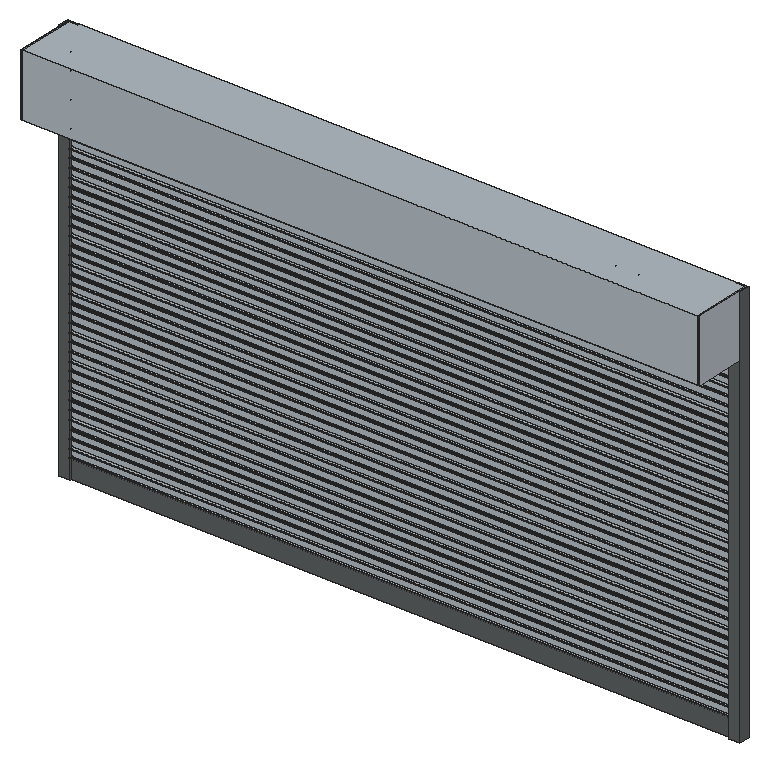
Revit family "Doors_Fire-Doors-Shutters_Wayne-Dalton_Fire-Rated-Counter-Shutters-FireStar-Model-550", category Specialty Equipment, host Wall, Revit 2026
Family settings
  Host = Wall
  Round Connector Dimension = Use Diameter
  Part Type = Normal
  Classification Number = 23.30.10.21.34
  Enable Cutting in Views = No
  Always vertical = Yes
  Cut with Voids When Loaded = Yes
  Maintain Annotation Orientation = No
  Shared = No
  Room Calculation Point = No
Parameters (values of type "‏​Manual push-up")
  Width Count [instance] = if(Aluminum Check, if(or(Crank, Manual), if(Opening Width < 121", 10, 16), if(Opening Width < 121", 10, if(Opening Width < 193", 16, 20))), if(Opening Width < 121", 10, 16))  # 10
  Warning Sign [instance] = if(or(Hood Warning, Calculated Area > 683.00 SF), 1 = 1, 1 = 2)  # no
  Warning (Note) [instance] = if(Warning Sign, "The Door Area is out of the limit; please adjust accordingly. The maximum allowed area is 683 sq. ft.", if(Hood Warning, "Headroom Clearance Dimensions - out of the limits. Consult Factory", " "))  # " "
  Wall Thickness [instance] = 6"
  Voltage = 0 V
  True Opening Width [instance] = if(Between Jambs Mounting, Door Width True, Clear Width)  # 120"
  True Opening Height [instance] = if(Between Jambs Mounting, Clear Height + Headroom Height, Clear Height)  # 60"
  Slat Type [instance] = "№17"  # constant formula
  Slat Length [instance] = Clear Width + Setback  # 122 1/2"
  Slat Height [instance] = if(Slat Selection < 3, 11 51/256", 10 1/2")  # 11 51/256"
  Slat Center Offset [instance] = 1 7/16"  # constant formula
  Slat Selection [instance] = 1  # constant formula
  Side Room Right [instance] = if(Electric Operator, 8", if(Crank, 5", 3"))  # 3"
  Side Room Left [instance] = 3"  # constant formula
  Setback [instance] = if(Between Jambs Mounting, 1 3/4", 1 3/4" + 3/4")  # 2 1/2"
  Product Page URL = "https://www.wayne-dalton.com/fire-counter-shutter-540-550"
  Power Factor = 1
  Powder Coat (Note) = "Wayne Dalton also offers approximately 200 RAL powder coat options to complement the exterior colors of a building."  # constant formula
  Operator Visibility = no
  Operation (Note) [instance] = "Standard door operation is manual push-up. Door could also operate by crank, electrical operator or chain hoist. Manual push up and crank could be used up to 80 sf."  # constant formula
  Opening Width Real [instance] = if(Opening Width > Max Opening Width, Max Opening Width, if(Opening Width < Min Opening Width, Min Opening Width, Opening Width))  # 120"
  Opening Width [instance] = 120"
  Opening Height Real [instance] = if(Opening Height > Max Opening Height, Max Opening Height, if(Opening Height < Min Opening Height, Min Opening Height, Opening Height))  # 60"
  Opening Height [instance] = 60"
  One Array element [instance] = not(Array Vis)  # no
  Number of Poles = 1
  Motor Type [instance] = "GCX Electric Operator"  # constant formula
  Motor Selection (Note) [instance] = "Generic operator shown. Contact Wayne Dalton when dimensions are critical. "  # constant formula
  Motor Position [instance] = Headplate Offset  # 2 5/8"
  Motor Option Real [instance] = 1  # constant formula
  Min Opening Width [instance] = 40"  # constant formula
  Min Opening Height [instance] = 40"  # constant formula
  Max Opening Width [instance] = 192"  # constant formula
  Max Opening Height [instance] = 108"  # constant formula
  Material Finish [instance] = 550 : Steel - Gray
  Lookup Table = "Hood Dimensions"  # constant formula
  Lookup BD [instance] = size_lookup(Lookup Table, if(Manual, "YM", if(Crank, "YC", "YE")), 10", Width Count, Height Count, if(Aluminum Check, 1, 0))  # 11 1/8"
  Jambs Offset 2 [instance] = if(Between Jambs Mounting, Guide Width 2, 0")  # 0"
  Jamb Offset 1 [instance] = if(Between Jambs Mounting, Guide Width 1, 0")  # 0"
  Installation Real [instance] = if(Between Jambs Mounting, Installation Limits, Wall Thickness)  # 6"
  Installation Offset [instance] = 0"
  Installation Limits [instance] = if(Installation Offset < 0", 0", if(Installation Offset > Wall Thickness - Guide Depth, Wall Thickness - Guide Depth, Installation Offset))  # 0"
  Hood Warning [instance] = size_lookup(Lookup Table, if(Manual, "WM", if(Crank, "WC", "WE")), 0, Width Count, Height Count, if(Aluminum Check, 1, 0)) = 1  # no
  Hood Type [instance] = "Square Hood"  # constant formula
  Hood Option [instance] = 2  # constant formula
  Hood Offset [instance] = 3"  # constant formula
  Hood Material [instance] = Metal - Wayne Dalton - Gray
  Hood Height [instance] = Headroom Height Real - Hood Offset  # 11 1/2"
  Lookup HH [instance] = size_lookup(Lookup Table, if(Manual, "XM", if(Crank, "XC", "XE")), 10", Width Count, Height Count, if(Aluminum Check, 1, 0))  # 11 1/2"
  Height Count [instance] = if(Opening Height < 49", 4, if(Opening Height < 61", 5, if(Opening Height < 73", 6, 7)))  # 5
  Headroom Height Real [instance] = Lookup HH + Hood Offset  # 14 1/2"
  Headroom Height [instance] = Headroom Height Real  # 14 1/2"
  Headplate Offset [instance] = if(Between Jambs Mounting, 2" - 1/8", 2" - 1/8" + 3/4")  # 2 5/8"
  Guide Type [instance] = if(Between Jambs Mounting, "Between Jambs Rolled Steel", "Face of Wall Rolled Steel")  # "Face of Wall Rolled Steel"
  Guide Width 2 [instance] = if(Between Jambs Mounting, Side Room Left, 2 3/4")  # 2 3/4"
  Guide Width 1 [instance] = if(Between Jambs Mounting, Side Room Right, 2 3/4")  # 2 3/4"
  Guide Depth [instance] = 2"  # constant formula
  Frequency = 0 Hz
  Floor To CL shaft [instance] = Clear Height + Hood Height / 2 + Hood Offset  # 68 3/4"
  Face of Wall Offset [instance] = if(Between Jambs Mounting, 0", 5")  # 5"
  Face Of Wall Mounting [instance] = not(Between Jambs Mounting)  # yes
  Electric Operator = no
  Door Width True [instance] = if(Between Jambs Mounting, Clear Width + Guide Width 1 + Guide Width 2, Clear Width)  # 120"
  Door Width (Real) [instance] = if(Between Jambs Mounting, Clear Width, Clear Width + Setback * 2)  # 125"
  Door Height True [instance] = Clear Width + Headroom Height  # 134 1/2"
  Door Height (Real) [instance] = Clear Height + Hood Offset  # 63"
  URL = "https://www.wayne-dalton.com/"
  Product data url = "https://www.bimobject.com/wayne-dalton/product/fire-rated-counter-shutters-firestar-model-550"
  Product Guid = "681392b5-bbaf-4c74-8fa3-e8ad4a23bc02"
  Model = "550"  # constant formula
  Manufacturer = "Wayne Dalton"  # constant formula
  Wall Closure = By host
  Floor To (CL) of Shaft [instance] = Clear Height + Hood Height / 2 + Hood Offset + Default Elevation Height + Countertop Thickness Real  # 104 3/4"
  Finish Material = Finish - Wayne Dalton - Black
  Description = "Firestar Model 550 Fire Rated Counter Shutter"  # constant formula
  Default Elevation Height [instance] = 36"
  Default Elevation = 0"
  Crank = no
  Countertop Thickness Real [instance] = if(Countertop Thickness < 0", 0", if(Countertop Thickness > 12", 12", Countertop Thickness))  # 0"
  Countertop Thickness [instance] = 0"
  Clearance [instance] = no
  Clear Width [instance] = if(Between Jambs Mounting, Opening Width Real - Guide Width 2 - Guide Width 1, Opening Width Real)  # 120"
  Clear Height [instance] = if(Between Jambs Mounting, Opening Height Real - Headroom Height, Opening Height Real)  # 60"
  Manual = yes
  Current = 0 A
  Between Jambs Mounting [instance] = no
  Backroom Depth [instance] = Lookup BD  # 11 1/8"
  BJ Opening Cut [instance] = if(Between Jambs Mounting, Headroom Height, 0")  # 0"
  Array Vis [instance] = if(Array < 2, 1 = 2, 1 = 1)  # yes
  Array Real [instance] = if(Array < 2, 2, Array)  # 6
  Array Length [instance] = (Array) * Slat Height  # 67 25/128"
  Array [instance] = rounddown(([Door Height (Real)] - 3 1/2") / Slat Height) + 1  # 6
  Calculated Area [instance] = [Door Width (Real)] * [Door Height (Real)]  # 54.6875 SF
  Apparent Load Phase 3 = if(Number of Poles = 1, 0 VA, (Voltage * Current * sqrt(3)) / 3)  # 0 VA
  Apparent Load Phase 2 = if(Number of Poles = 1, 0 VA, (Voltage * Current * sqrt(3)) / 3)  # 0 VA
  Apparent Load Phase 1 = if(Number of Poles = 1, Voltage * Current, (Voltage * Current * sqrt(3)) / 3)  # 0 VA
  Aluminum Check [instance] = 1 = 2  # no
Reference planes (in)
  plane 1 "Center (Front/Back)": y = -14.625
  plane 2 "Center (Left/Right)": x = 0
  plane 3 "Left": x = -60
  plane 4 "Right": x = 60
  plane 5 "Exterior": y = -8.625
  plane 6 "Interior": y = -14.625
  plane 7: z = 96
  plane 8 "Backroom Depth": y = -25.75
  plane 9 "Bottom Bar": z = 39.5
  plane 10: z = 106.69531
  plane 11: z = 110.5
  plane 12: z = 99
  plane 13: z = 0
  plane 14: z = 66
  plane 15: y = -16.3125
  plane 16: y = 18.375
  plane 17: y = -41.625
  plane 18 "Headroom Top": z = 110.5
  plane 19: z = 104.75
  plane 20: z = 95.49609
  plane 21: z = 36
  plane 22: x = 62.75
  plane 23: x = -62.75
  plane 24: y = -16.0625
  plane 25: x = 62.625
  plane 26: z = 36
  plane 27: y = -16.3125
  plane 28: z = 39.5
  plane 29: y = -16.3125
  plane 30: z = 95.49609
  plane 31: y = -16.3125
  plane 32: z = 50.69922
  plane 33: y = -16.3125
  plane 34: z = 61.89844
  plane 35: y = -16.3125
  plane 36: z = 73.09766
  plane 37: y = -16.3125
  plane 38: z = 84.29687
Forms (in)
  Extrusion 1, void
    sketch origin (0, -20.625, 0) x (0, 0, -1) y (-1, 0, 0)
      loop
        line (-96, 60) -> (-96, -60) -> (-36, -60) -> (-36, 60) -> (-96, 60)
    from 6 to 12
  Extrusion 2, solid, material "Clearance - Wayne Dalton - Red", visible <- "Clearance"
    sketch origin (-137.2887, -12, 36) x (-1, 0, 0) y (0, -1, 0)
      loop
        line (-197.2887, 4.625) -> (-200.2887, 4.625) -> (-200.2887, 2.625) -> (-197.2887, 2.625) -> (-197.2887, 4.625)
      loop
        line (-77.2887, 4.625) -> (-77.2887, 2.625) -> (-74.2887, 2.625) -> (-74.2887, 4.625) -> (-77.2887, 4.625)
    from 0 to 63
Text (in)
  text "Exterior" at (-74.96733, 27.31104, 0), in view "Ref. Level"
  text "Interior" at (-74.96733, -25.14366, 0), in view "Ref. Level"
  text "Exterior" at (0, 40.15149, 123.01588), in view "Right"
  text "Interior" at (0, -64.39139, 123.01588), in view "Right"
  text "Interior" at (0, -31.01599, 123.00693), in view "Left"
  text "Exterior" at (0, 54.57065, 123.00693), in view "Left"
Dimensions and locks (in)
  equal spacing: plane 3 "Left", plane 2 "Center (Left/Right)", plane 4 "Right"
  "Clear Width": plane 3 "Left" to plane 4 "Right"
  level to host wall = 459.59655"
  "Array Length": plane 10 to plane 9 "Bottom Bar"
  "Backroom Depth": plane 8 "Backroom Depth" to plane 1 "Center (Front/Back)"
  "Hood Height": plane 11 to plane 12
  "Installation Real": plane 1 "Center (Front/Back)" to plane 5 "Exterior"
  "Wall Thickness": host wall to host wall
  equal spacing: plane 16, host wall, plane 17
  locked: plane 16 to plane 17 at 60
  "BJ Opening Cut": Extrusion 1 sketch curve to plane 7
  "Hood Offset": plane 12 to plane 7
  "Headroom Height": plane 18 "Headroom Top" to plane 7
  "Floor To (CL) of Shaft": plane 19 to level
  "Jamb Offset 1": plane 4 "Right" to Extrusion 1 sketch curve
  "Jambs Offset 2": Extrusion 1 sketch curve to plane 3 "Left"
  "Slat Height": plane 10 to plane 20
  equal spacing: group 1, group 3, group 4, group 5, group 6, group 2  (x3)
  equal spacing: plane 7, plane 14, plane 21
  "Clear Height": plane 7 to plane 21
  locked: plane 9 "Bottom Bar" to plane 21 at 3.5
  "Guide Width 1": plane 4 "Right" to plane 22
  "Guide Width 2": plane 23 to plane 3 "Left"
  plane 23 to plane 22 = 125 1/2"
  "Slat Center Offset": plane 24 to plane 1 "Center (Front/Back)"
  locked: plane 15 to plane 24 at 0.25
  "Motor Position": plane 4 "Right" to plane 25
  "Default Elevation Height": plane 26 to plane 13
  "Countertop Thickness Real": plane 21 to plane 26
  "Side Room Left": Extrusion 2 sketch curve to Extrusion 2 sketch curve
  "Side Room Right": Extrusion 2 sketch curve to Extrusion 2 sketch curve
  locked: Extrusion 2 sketch curve to Extrusion 2 sketch curve at 2
  aligned and locked: plane 5 "Exterior" to host wall
  aligned and locked: host wall to plane 6 "Interior"
  aligned and locked: Extrusion 1 to plane 5 "Exterior"
  aligned and locked: plane 6 "Interior" to Extrusion 1
  aligned and locked: level to plane 13
  aligned and locked: plane 2 "Center (Left/Right)" to nested 1
  aligned and locked: nested 1 to plane 16
  aligned and locked: plane 17 to nested 2
  aligned and locked: nested 2 to plane 2 "Center (Left/Right)"
  aligned and locked: plane 2 "Center (Left/Right)" to nested 3
  aligned and locked: nested 3 to plane 15
  aligned and locked: plane 2 "Center (Left/Right)" to nested 10
  aligned and locked: plane 1 "Center (Front/Back)" to nested 10
  aligned and locked: plane 25 to nested 11
  aligned and locked: plane 11 to nested 11
  aligned and locked: plane 5 "Exterior" to nested 11
  aligned and locked: Extrusion 1 sketch curve to plane 26
  aligned and locked: plane 9 "Bottom Bar" to plane 28
  aligned and locked: plane 27 to plane 15
  aligned and locked: plane 20 to plane 30
  aligned and locked: plane 29 to plane 15
  aligned and locked: plane 14 to nested 3
  aligned and locked: Extrusion 2 sketch curve to plane 4 "Right"
  aligned and locked: Extrusion 2 sketch curve to plane 3 "Left"
  aligned and locked: Extrusion 2 sketch curve to plane 1 "Center (Front/Back)"  (x2)
  aligned and locked: Extrusion 2 sketch curve to Extrusion 2 sketch curve
  aligned and locked: Extrusion 2 to plane 21
  aligned and locked: plane 12 to Extrusion 2
Nested families (in)
  nested 1: "Label Annotation 1" at (0, 18.375, 0), visible <- "Warning Sign", type "Label Annotation 1"
  nested 2: "Label Annotation 1" at (0, -41.625, 0) x (-1, 0, 0) z (0, 0, 1), visible <- "Warning Sign", type "Label Annotation 1"
  nested 3: "Warning Sign" at (0, -16.3125, 66), visible <- "Warning Sign", type "Warning Sign"
    with Warning Sign no
  nested 4: "550" at (0, -16.312, 39.5), Opening Width <- "Slat Length", type <- "Material Finish", Slat Option <- "Slat Selection", type "Steel - Gray"
    with Void Offset 1", Void Height 3/4", Step 1.6", Slat Width 1/2", Slat Position + Offset 11.795", Slat Position 11.2", Slat Option 1, Secure-Vent no, Profile #17 yes, Perforation no, Opening Width 122 1/2", Integrated Cutout no, Fenestration no, Extruded Alum Profile no, Cutout Width Offset 1", Cutout Vertical Offset 0.595", # 17 yes
  nested 5: "550" at (0, -16.312, 95.49609), Opening Width <- "Slat Length", type <- "Material Finish", Slat Option <- "Slat Selection", type "Steel - Gray"
    with Void Offset 1", Void Height 3/4", Step 1.6", Slat Width 1/2", Slat Position + Offset 11.795", Slat Position 11.2", Slat Option 1, Secure-Vent no, Profile #17 yes, Perforation no, Opening Width 122 1/2", Integrated Cutout no, Fenestration no, Extruded Alum Profile no, Cutout Width Offset 1", Cutout Vertical Offset 0.595", # 17 yes
  nested 6: "550" at (0, -16.312, 50.69922), Opening Width <- "Slat Length", type <- "Material Finish", Slat Option <- "Slat Selection", type "Steel - Gray"
    with Void Offset 1", Void Height 3/4", Step 1.6", Slat Width 1/2", Slat Position + Offset 11.795", Slat Position 11.2", Slat Option 1, Secure-Vent no, Profile #17 yes, Perforation no, Opening Width 122 1/2", Integrated Cutout no, Fenestration no, Extruded Alum Profile no, Cutout Width Offset 1", Cutout Vertical Offset 0.595", # 17 yes
  nested 7: "550" at (0, -16.312, 61.89844), Opening Width <- "Slat Length", type <- "Material Finish", Slat Option <- "Slat Selection", type "Steel - Gray"
    with Void Offset 1", Void Height 3/4", Step 1.6", Slat Width 1/2", Slat Position + Offset 11.795", Slat Position 11.2", Slat Option 1, Secure-Vent no, Profile #17 yes, Perforation no, Opening Width 122 1/2", Integrated Cutout no, Fenestration no, Extruded Alum Profile no, Cutout Width Offset 1", Cutout Vertical Offset 0.595", # 17 yes
  nested 8: "550" at (0, -16.312, 73.09766), Opening Width <- "Slat Length", type <- "Material Finish", Slat Option <- "Slat Selection", type "Steel - Gray"
    with Void Offset 1", Void Height 3/4", Step 1.6", Slat Width 1/2", Slat Position + Offset 11.795", Slat Position 11.2", Slat Option 1, Secure-Vent no, Profile #17 yes, Perforation no, Opening Width 122 1/2", Integrated Cutout no, Fenestration no, Extruded Alum Profile no, Cutout Width Offset 1", Cutout Vertical Offset 0.595", # 17 yes
  nested 9: "550" at (0, -16.312, 84.29688), Opening Width <- "Slat Length", type <- "Material Finish", Slat Option <- "Slat Selection", type "Steel - Gray"
    with Void Offset 1", Void Height 3/4", Step 1.6", Slat Width 1/2", Slat Position + Offset 11.795", Slat Position 11.2", Slat Option 1, Secure-Vent no, Profile #17 yes, Perforation no, Opening Width 122 1/2", Integrated Cutout no, Fenestration no, Extruded Alum Profile no, Cutout Width Offset 1", Cutout Vertical Offset 0.595", # 17 yes
  nested 10: "Lifts" at (0, -14.625, 36) x (-1, 0, 0) z (0, 0, 1), type "Frame Unit"
    with Floor To (CL) of Shaft 68 3/4"
  nested 11: "Motor" at (62.1855, -25.75, 99), visible <- "Operator Visibility", type "Trolley Motor"
Connectors (in)
  electrical at (62.625, -20.1875, 104.75), driven by "Apparent Load Phase 1", driven by "Power Factor", driven by "Apparent Load Phase 3", driven by "Apparent Load Phase 2", driven by "Voltage", driven by "Number of Poles"
    settings: on nested 11, index 1, voltage 0 V, apparent load 0 VA, apparent load phase1 0 VA, apparent load phase2 0 VA, apparent load phase3 0 VA, power factor 1, load classification "Other", number of poles 1, system type 31, power factor state 1, is connector primary yes, connector utility no, sub classification motor no, connector description "Electrical Connector"
Definition of nested family "550"
  Parameters (values of type "Steel - Gray")
    Void Offset [instance] = if(Integrated Cutout, 0", 1")  # 1"
    Void Height [instance] = if([Secure-Vent], 1.4", 3/4")  # 3/4"
    Step [instance] = if(Slat Option < 3, 1.6", 1 1/2")  # 1.6"
    Standard = yes
    Slat Width [instance] = 1/2"  # constant formula
    Slat Position + Offset [instance] = Slat Position + Cutout Vertical Offset  # 11.795"
    Slat Position [instance] = if(Slat Option < 3, 1.6" * 7, 1 1/2" * 7)  # 11.2"
    Slat Option [instance] = 1
    Secure-Vent [instance] = if(Slat Option = 2, 1 = 1, 1 = 2)  # no
    Rough Height = 0"
    Profile #17 [instance] = or(# 17, [Secure-Vent])  # yes
    Perforation [instance] = [Secure-Vent]  # no
    Fenestration [instance] = if(and(Integrated Cutout, not(Perforation)), 1 = 1, 1 = 2)  # no
    Extruded Alum Profile [instance] = if(Slat Option > 2, 1 = 1, 1 = 2)  # no
    Cutout Width Offset [instance] = 1"  # constant formula
    Panel Material = none
    Opening Width [instance] = 123 5/8"
    Cutout Vertical Offset [instance] = 0.595"  # constant formula
    Default Elevation = 48"
    Integrated Cutout [instance] = if(Perforation, 1 = 1, 1 = 2)  # no
    Cutout Material Perforation = none
    Analytic Construction = "<None>"
    # 17 [instance] = if(Slat Option < 2, 1 = 1, 1 = 2)  # yes
  Types (4): name
    Steel - Gray
    Steel - Brown
    Steel - Biege
    Steel - White
  Reference planes (in)
    plane 1 "Center (Front/Back)": y = 0
    plane 2: z = 0
    plane 3 "Center (Left/Right)": x = 0
    plane 4: x = -61.8125
    plane 5: x = 61.8125
    plane 6: y = 0.5
    plane 7: y = 0
    plane 8: y = 0.25
    plane 9: y = 0.47
    plane 10: x = -60.8125
    plane 11: x = 60.8125
    plane 12: z = 1.6
    plane 13: z = 3.2
    plane 14: z = 4.8
    plane 15: z = 6.4
    plane 16: z = 8
    plane 17: z = 9.6
    plane 18: z = 11.2
  Forms (in)
    Extrusion 1, solid, material <- "Panel Material"
      sketch origin (0, -4.98186, 13.12534) x (0, 1, 0) y (0, 0, 1)
        loop
          arc (5.48186, -10.19465) -> (5.46788, -10.15782) -> (5.43299, -10.13954) r 0.05551
          line (5.43299, -10.13954) -> (5.28542, -10.12177) -> (5.42635, -10.12177)
          arc (5.42635, -10.12177) -> (5.4656, -10.10551) -> (5.48186, -10.06626) r 0.05551
          line (5.48186, -10.06626) -> (5.48186, -8.59465)
          arc (5.48186, -8.59465) -> (5.46788, -8.55782) -> (5.43299, -8.53954) r 0.05551
          line (5.43299, -8.53954) -> (5.28542, -8.52177) -> (5.42635, -8.52177)
          arc (5.42635, -8.52177) -> (5.4656, -8.50551) -> (5.48186, -8.46626) r 0.05551
          line (5.48186, -8.46626) -> (5.48186, -6.99465)
          arc (5.48186, -6.99465) -> (5.46788, -6.95782) -> (5.43299, -6.93954) r 0.05551
          line (5.43299, -6.93954) -> (5.28542, -6.92177) -> (5.42635, -6.92177)
          arc (5.42635, -6.92177) -> (5.4656, -6.90551) -> (5.48186, -6.86626) r 0.05551
          line (5.48186, -6.86626) -> (5.48186, -5.39465)
          arc (5.48186, -5.39465) -> (5.46788, -5.35782) -> (5.43299, -5.33954) r 0.05551
          line (5.43299, -5.33954) -> (5.28542, -5.32177) -> (5.42635, -5.32177)
          arc (5.42635, -5.32177) -> (5.4656, -5.30551) -> (5.48186, -5.26626) r 0.05551
          line (5.48186, -5.26626) -> (5.48186, -3.79465)
          arc (5.48186, -3.79465) -> (5.46788, -3.75782) -> (5.43299, -3.73954) r 0.05551
          line (5.43299, -3.73954) -> (5.28542, -3.72177) -> (5.42635, -3.72177)
          arc (5.42635, -3.72177) -> (5.4656, -3.70551) -> (5.48186, -3.66626) r 0.05551
          line (5.48186, -3.66626) -> (5.48186, -2.19465)
          arc (5.48186, -2.19465) -> (5.46788, -2.15782) -> (5.43299, -2.13954) r 0.05551
          line (5.43299, -2.13954) -> (5.16194, -2.10689)
          arc (5.16194, -2.10689) -> (5.14042, -2.08085) -> (5.16536, -2.05806) r 0.02451
          arc (5.16536, -2.05806) -> (5.20184, -1.81095) -> (4.98186, -1.92928) r 0.13976
          line (4.98186, -1.92928) -> (4.98186, -2.09641)
          arc (4.98186, -2.09641) -> (4.99584, -2.13324) -> (5.03073, -2.15152) r 0.05551
          line (5.03073, -2.15152) -> (5.42186, -2.19863) -> (5.42186, -3.66177) -> (5.1519, -3.66177)
          arc (5.1519, -3.66177) -> (5.20745, -3.4151) -> (4.98186, -3.52928) r 0.13976
          line (4.98186, -3.52928) -> (4.98186, -3.69641)
          arc (4.98186, -3.69641) -> (4.99584, -3.73324) -> (5.03073, -3.75152) r 0.05551
          line (5.03073, -3.75152) -> (5.42186, -3.79863) -> (5.42186, -5.26177) -> (5.1519, -5.26177)
          arc (5.1519, -5.26177) -> (5.20745, -5.0151) -> (4.98186, -5.12928) r 0.13976
          line (4.98186, -5.12928) -> (4.98186, -5.29641)
          arc (4.98186, -5.29641) -> (4.99584, -5.33324) -> (5.03073, -5.35152) r 0.05551
          line (5.03073, -5.35152) -> (5.42186, -5.39863) -> (5.42186, -6.86177) -> (5.1519, -6.86177)
          arc (5.1519, -6.86177) -> (5.20745, -6.6151) -> (4.98186, -6.72928) r 0.13976
          line (4.98186, -6.72928) -> (4.98186, -6.89641)
          arc (4.98186, -6.89641) -> (4.99584, -6.93324) -> (5.03073, -6.95152) r 0.05551
          line (5.03073, -6.95152) -> (5.42186, -6.99863) -> (5.42186, -8.46177) -> (5.1519, -8.46177)
          arc (5.1519, -8.46177) -> (5.20745, -8.2151) -> (4.98186, -8.32928) r 0.13976
          line (4.98186, -8.32928) -> (4.98186, -8.49641)
          arc (4.98186, -8.49641) -> (4.99584, -8.53324) -> (5.03073, -8.55152) r 0.05551
          line (5.03073, -8.55152) -> (5.42186, -8.59863) -> (5.42186, -10.06177) -> (5.1519, -10.06177)
          arc (5.1519, -10.06177) -> (5.20745, -9.8151) -> (4.98186, -9.92928) r 0.13976
          line (4.98186, -9.92928) -> (4.98186, -10.09641)
          arc (4.98186, -10.09641) -> (4.99584, -10.13324) -> (5.03073, -10.15152) r 0.05551
          line (5.03073, -10.15152) -> (5.42186, -10.19863) -> (5.42186, -11.66177) -> (5.1519, -11.66177)
          arc (5.1519, -11.66177) -> (5.20745, -11.4151) -> (4.98186, -11.52928) r 0.13976
          line (4.98186, -11.52928) -> (4.98186, -11.69641)
          arc (4.98186, -11.69641) -> (4.99584, -11.73324) -> (5.03073, -11.75152) r 0.05551
          line (5.03073, -11.75152) -> (5.42186, -11.79863) -> (5.42186, -13.26177) -> (5.15165, -13.26177)
          arc (5.15165, -13.26177) -> (5.20906, -13.01644) -> (4.98186, -13.12534) r 0.1397
          line (4.98186, -13.12534) -> (4.98186, -13.26626)
          arc (4.98186, -13.26626) -> (4.99812, -13.30551) -> (5.03737, -13.32177) r 0.05551
          line (5.03737, -13.32177) -> (5.42635, -13.32177)
          arc (5.42635, -13.32177) -> (5.4656, -13.30551) -> (5.48186, -13.26626) r 0.05551
          line (5.48186, -13.26626) -> (5.48186, -11.79465)
          arc (5.48186, -11.79465) -> (5.46788, -11.75782) -> (5.43299, -11.73954) r 0.05551
          line (5.43299, -11.73954) -> (5.28542, -11.72177) -> (5.42635, -11.72177)
          arc (5.42635, -11.72177) -> (5.4656, -11.70551) -> (5.48186, -11.66626) r 0.05551
          line (5.48186, -11.66626) -> (5.48186, -10.19465)
      from -61.8125 to 61.8125
  Lines and regions (in)
    reference lines
      curve 1: line (0, -4.98186, 12.78) -> (0, 9.9577, 12.78)
      curve 2: line (0, -2.86663, 11.795) -> (0, 7.60337, 11.795)
      curve 3: line (0, -2.86663, 8.595) -> (0, 7.60337, 8.595)
      curve 4: line (0, -2.86663, 5.395) -> (0, 7.60337, 5.395)
      curve 5: line (0, -2.86663, 3.795) -> (0, 7.60337, 3.795)
      curve 6: line (0, -2.86663, 0.595) -> (0, 7.60337, 0.595)
      curve 7: line (0, -2.86663, 2.195) -> (0, 7.60337, 2.195)
      curve 8: line (0, -2.86663, 10.195) -> (0, 7.60337, 10.195)
      curve 9: line (0, -2.86663, 6.995) -> (0, 7.60337, 6.995)
  Dimensions and locks (in)
    equal spacing: plane 4, plane 3 "Center (Left/Right)", plane 5
    "Opening Width": plane 4 to plane 5
    "Slat Width": plane 1 "Center (Front/Back)" to plane 6
    equal spacing: plane 1 "Center (Front/Back)", plane 8, plane 6
    locked: plane 9 to plane 6 at 0.03
    "Cutout Width Offset": plane 4 to plane 10
    "Cutout Width Offset": plane 5 to plane 11
    locked: curve 1 to level at 12.78
    "Slat Position": curve 6 to curve 2
    "Cutout Vertical Offset": curve 6 to plane 2
    equal spacing: curve 6, curve 7, curve 5, curve 4, curve 9, curve 3, curve 8, curve 2
    equal spacing: plane 18, plane 17, plane 16, plane 15, plane 14, plane 13, plane 12, plane 2
    "Step": plane 12 to level
    locked: plane 13 to Extrusion 1 sketch curve at 0.13642
    locked: plane 12 to Extrusion 1 sketch curve at 0.13642
    locked: plane 14 to Extrusion 1 sketch curve at 0.13642
    locked: plane 15 to Extrusion 1 sketch curve at 0.13642
    locked: plane 16 to Extrusion 1 sketch curve at 0.13642
    locked: plane 17 to Extrusion 1 sketch curve at 0.13642
    locked: Extrusion 1 sketch curve to plane 18 at 0
    radius of Extrusion 1 sketch curve = 0.1397"
    radius of Extrusion 1 sketch curve = 0.13976"  (x7)
    radius of Extrusion 1 sketch curve = 0.05551"  (x22)
    aligned and locked: plane 2 to level
    aligned and locked: plane 1 "Center (Front/Back)" to plane 7
    aligned and locked: plane 5 to Extrusion 1
    aligned and locked: plane 4 to Extrusion 1
  Automatic sketch dimensions
    plane 1 "Center (Front/Back)" to curve 1 = 4.98186"
    plane 1 "Center (Front/Back)" to curve 9 = 2.86663"
    curve 1 to curve 2 = 2.11523"
    plane 1 "Center (Front/Back)" to curve 7 = 2.86663"
    curve 3 to curve 9 = 0"
    curve 6 to curve 7 = 0"
    curve 4 to curve 9 = 0"
    curve 8 to curve 2 = 0"  (x2)
    curve 5 to curve 4 = 0"  (x2)
    curve 3 to plane 6 = 7.10337"
    curve 6 to plane 6 = 7.10337"
    curve 2 to curve 3 = 0"
    curve 7 to curve 6 = 0"
    curve 4 to curve 3 = 0"
    curve 9 to curve 3 = 0"
    curve 2 to curve 1 = 2.35433"
    curve 1 to Extrusion 1 sketch curve = 4.98186"
    Extrusion 1 sketch curve to Extrusion 1 sketch curve = 0"  (x21)
    Extrusion 1 sketch curve to Extrusion 1 sketch curve = 0.00664"  (x14)
    Extrusion 1 sketch curve to Extrusion 1 sketch curve = 0.1397"  (x7)
    Extrusion 1 sketch curve to Extrusion 1 sketch curve = 0.11428"
    Extrusion 1 sketch curve to Extrusion 1 sketch curve = 0.11453"  (x6)
    Extrusion 1 sketch curve to Extrusion 1 sketch curve = 0.12457"
    Extrusion 1 sketch curve to Extrusion 1 sketch curve = 0.00293"
    Extrusion 1 sketch curve to Extrusion 1 sketch curve = 0.13352"  (x6)
    Extrusion 1 sketch curve to Extrusion 1 sketch curve = 0.13644"  (x2)
    Extrusion 1 sketch curve to Extrusion 1 sketch curve = 0.00449"  (x13)
    Extrusion 1 sketch curve to Extrusion 1 sketch curve = 0.00398"  (x3)
    Extrusion 1 sketch curve to Extrusion 1 sketch curve = 0.16713"  (x2)
    Extrusion 1 sketch curve to Extrusion 1 sketch curve = 0.03464"  (x5)
    Extrusion 1 sketch curve to Extrusion 1 sketch curve = 1.32671"
    Extrusion 1 sketch curve to Extrusion 1 sketch curve = 0.14091"
    Extrusion 1 sketch curve to Extrusion 1 sketch curve = 0.02433"
Definition of nested family "Lifts"
  Parameters (values of type "Frame Unit")
    Void Offset = 0"  # constant formula
    Steel Guide Real = 1 = 2  # no
    Slat Center = 1.438"  # constant formula
    Side Room Right = 3"
    Side Room Left = 3"
    Rough Width = 0"
    Rough Height = 0"
    Rolled Setback = if(Between Jambs, 0", 3/4")  # 3/4"
    Rolled Guide SS = if(Between Jambs, Side Room Left, 2")  # 2"
    Rolled Guide ES = if(Between Jambs, Side Room Right, 2")  # 2"
    Real Setback = if(Aluminum Guide Real, Extruded Setback, Rolled Setback)  # 3/4"
    Opening Width = 120"
    Manual + Crank = if(or(Manual, Crank), 1 = 1, 1 = 2)  # yes
    Manual = yes
    Hood Offset = 3"
    Hood Material = none
    Headroom Height = 14 1/2"
    Headplate 2 Offset = if(Between Jambs, 2" - 1/8", 2" - 1/8" + Real Setback)  # 2 5/8"
    Headplate 1 Offset = if(Between Jambs, 2" - 1/8", 2" - 1/8" + Real Setback)  # 2 5/8"
    Header Width = 11 1/8"
    Opening Height = 60"
    Guide Offset 2 = if(Steel Guide Real, Rolled Setback + Rolled Guide SS, Extruded Setback + Extruded SS)  # 2 3/4"
    Guide Offset 1 = if(Steel Guide Real, Rolled Setback + Rolled Guide ES, Extruded Setback + Extruded ES)  # 2 3/4"
    Floor To (CL) of Shaft [instance] = Opening Height + (Headroom Height + Hood Offset) / 2  # 68 3/4"
    Finish Material = none
    Face Of Wall Mounting = not(Between Jambs)  # yes
    Extruded Setback = if(Between Jambs, 0", 3/4")  # 3/4"
    Extruded SS = if(Between Jambs, Side Room Left, 2")  # 2"
    Extruded ES = if(Between Jambs, Side Room Right, 2")  # 2"
    Electric Operator = no
    Default Elevation = 48"
    Crank = no
    Bottom Bar = if(Between Jambs, 1 5/8", 1 5/8" + if(Aluminum Guide Real, Extruded Setback, Rolled Setback))  # 2 3/8"
    Between Jambs = no
    Bar = 1 = 2  # no
    BJ Position = 0"  # constant formula
    Aluminum Guide Real = 1 = 1  # yes
  Reference planes (in)
    plane 1 "Center (Front/Back)": y = 0
    plane 2: z = 0
    plane 3 "Center (Left/Right)": x = 0
    plane 4 "Opening Height": z = 60
    plane 5: z = 74.5
    plane 6: y = 11.125
    plane 7 "Real Opening 2": x = -60
    plane 8 "Real Opening 1": x = 60
    plane 9: z = 63
    plane 10 "Main": y = 0
    plane 11: z = 68.75
    plane 12 "Guide 2": x = 62.75
    plane 13 "Guide 1": x = -62.75
    plane 14: x = 62.375
    plane 15: x = -62.375
    plane 16 "Headplate": x = -62.625
    plane 17: x = 62.625
    plane 18 "Masking": z = 76
    plane 19: x = -62.375
    plane 20: x = 62.375
  Forms (in)
    Extrusion 1, solid, material <- "Finish Material"
      sketch origin (0, 1.438, -2.69619) x (0, 0, 1) y (0, -1, 0)
        loop
          line (6.19619, 0.25) -> (2.69619, 0.25) -> (2.69619, -0.25) -> (6.19619, -0.25) -> (6.19619, 0.25)
      from -62.375 to 62.375
    Extrusion 2, solid, material <- "Hood Material"
      sketch origin (0, 0, 60) x (-1, 0, 0) y (0, -1, 0)
        loop
          line (62.375, 0) -> (-62.375, 0) -> (-62.375, -11.125) -> (62.375, -11.125) -> (62.375, 0)
      from 3 to 14.5
    Extrusion 3, solid, material <- "Hood Material", visible <- "Bar"
      sketch origin (0, 1.438, -2.69619) x (0, 0, 1) y (0, -1, 0)
        loop
          line (78.69619, 1.438) -> (77.19619, 1.438) -> (77.19619, 1.188) -> (78.69619, 1.188) -> (78.69619, 1.438)
      from -62.375 to 62.375
    Extrusion 4, void
      sketch origin (0, 1.438, -2.69619) x (0, 0, 1) y (0, -1, 0)
        loop
          line (77.19619, 1.438) -> (65.69619, 1.438) -> (65.69619, -9.687) -> (77.19619, -9.687) -> (77.19619, 1.438)
      from -62.375 to 62.375
    Extrusion 5, solid, material <- "Hood Material"
      sketch origin (0, 1.438, -2.69619) x (0, 0, 1) y (0, -1, 0)
        loop
          line (77.19619, 1.438) -> (65.69619, 1.438) -> (65.69619, -9.687) -> (77.19619, -9.687) -> (77.19619, 1.438)
      from -62.625 to 62.625
    Extrusion 6, solid, material <- "Finish Material", visible <- "Aluminum Guide Real"
      sketch origin (0, 0, 0) x (1, 0, 0) y (0, 1, 0)
        loop
          line (62.75, 0) -> (62.75, 2) -> (60.75, 2) -> (60.75, 1.875) -> (62.375, 1.875) -> (62.375, 1) -> (61, 1)
          arc (61, 1) -> (60.82322, 0.92678) -> (60.75, 0.75) r 0.25
          line (60.75, 0.75) -> (60.75, 0.25)
          arc (60.75, 0.25) -> (60.82322, 0.07322) -> (61, 0) r 0.25
          line (61, 0) -> (62.75, 0)
        loop
          line (-62.75, 0) -> (-61, 0)
          arc (-61, 0) -> (-60.82322, 0.07322) -> (-60.75, 0.25) r 0.25
          line (-60.75, 0.25) -> (-60.75, 0.75)
          arc (-60.75, 0.75) -> (-60.82322, 0.92678) -> (-61, 1) r 0.25
          line (-61, 1) -> (-62.375, 1) -> (-62.375, 1.875) -> (-60.75, 1.875) -> (-60.75, 2) -> (-62.75, 2) -> (-62.75, 0)
      from 0 to 74.5
    Extrusion 7, void
      sketch origin (0, 1.438, -2.69619) x (0, 0, 1) y (0, -1, 0)
        loop
          line (77.19619, 1.438) -> (65.69619, 1.438) -> (65.69619, -9.687) -> (77.19619, -9.687) -> (77.19619, 1.438)
      from -62.625 to 62.625
    Extrusion 8, void
      sketch origin (0, 0, 60) x (-1, 0, 0) y (0, -1, 0)
        loop
          line (-60.75, -2) -> (-60.75, -0.125) -> (-62.625, -0.125) -> (-62.625, -2) -> (-60.75, -2)
        loop
          line (60.75, -2) -> (62.625, -2) -> (62.625, -0.125) -> (60.75, -0.125) -> (60.75, -2)
      from 3 to 14.5
    Extrusion 9, void
      sketch origin (0, 0, 60) x (-1, 0, 0) y (0, -1, 0)
        loop
          line (-60.75, -0.125) -> (-60.75, 0) -> (-62.6875, 0) -> (-62.6875, -0.125) -> (-60.75, -0.125)
        loop
          line (60.75, -0.125) -> (62.75, -0.125) -> (62.75, 0) -> (60.75, 0) -> (60.75, -0.125)
      from 0 to 14.5
  Cuts and joins
    Extrusion 4, Extrusion 9 cuts Extrusion 5
    Extrusion 9 cuts Extrusion 2
    Extrusion 8 cuts Extrusion 6
  Lines and regions (in)
    Masking region 1
      outline origin (0, 0, 0) x (1, 0, 0) y (0, 1, 0)
        loop
          line (-62.625, 0) -> (62.625, 0) -> (62.625, 11.125) -> (-62.625, 11.125) -> (-62.625, 0)
    Masking region 2, visible <- "Aluminum Guide Real"
      outline origin (0, 0, 60) x (-1, 0, 0) y (0, -1, 0)
        loop
          line (62.75, -2) -> (62.75, 0) -> (61, 0)
          arc (61, 0) -> (60.82322, -0.07322) -> (60.75, -0.25) r 0.25
          line (60.75, -0.25) -> (60.75, -0.75)
          arc (60.75, -0.75) -> (60.82322, -0.92678) -> (61, -1) r 0.25
          line (61, -1) -> (62.375, -1) -> (62.375, -1.875) -> (60.75, -1.875) -> (60.75, -2) -> (62.75, -2)
        loop
          arc (-61, -1) -> (-60.82322, -0.92678) -> (-60.75, -0.75) r 0.25
          line (-60.75, -0.75) -> (-60.75, -0.25)
          arc (-60.75, -0.25) -> (-60.82322, -0.07322) -> (-61, 0) r 0.25
          line (-61, 0) -> (-62.75, 0) -> (-62.75, -2) -> (-60.75, -2) -> (-60.75, -1.875) -> (-62.375, -1.875) -> (-62.375, -1) -> (-61, -1)
    reference lines
      curve 1: line (0, 1.438, -2.69619) -> (0, 1.438, 5.30381)
    symbolic lines, visible <- "Bar"
      curve 2: line (62.375, 0.25, 60) -> (-62.375, 0.25, 60)
    symbolic lines
      curve 3: line (62.375, 0, 60) -> (62.375, 11.125, 60)
      curve 4: line (-62.375, 0, 60) -> (-62.375, 11.125, 60)
  Dimensions and locks (in)
    "Headroom Height": plane 5 to plane 4 "Opening Height"
    "Opening Height": plane 4 "Opening Height" to level
    "Hood Offset": plane 9 to plane 4 "Opening Height"
    "BJ Position": plane 10 "Main" to plane 1 "Center (Front/Back)"
    "Header Width": plane 10 "Main" to plane 6
    "Floor To (CL) of Shaft": plane 11 to level
    "Guide Offset 2": plane 8 "Real Opening 1" to plane 12 "Guide 2"
    "Guide Offset 1": plane 13 "Guide 1" to plane 7 "Real Opening 2"
    "Slat Center": plane 10 "Main" to curve 1
    "Bottom Bar": plane 8 "Real Opening 1" to plane 14
    "Bottom Bar": plane 15 to plane 7 "Real Opening 2"
    "Headplate 2 Offset": plane 8 "Real Opening 1" to plane 17
    "Headplate 1 Offset": plane 16 "Headplate" to plane 7 "Real Opening 2"
    locked: plane 18 "Masking" to plane 5 at 1.5
    locked: plane 16 "Headplate" to plane 19 at 0.25
    locked: plane 20 to plane 17 at 0.25
    locked: plane 10 "Main" to Extrusion 3 sketch curve at 0.25
    equal spacing: plane 7 "Real Opening 2", plane 3 "Center (Left/Right)", plane 8 "Real Opening 1"
    "Opening Width": plane 7 "Real Opening 2" to plane 8 "Real Opening 1"
    Extrusion 6 sketch curve to Extrusion 6 sketch curve = 1/8"
    locked: Extrusion 6 sketch curve to Extrusion 6 sketch curve at 1.625  (x2)
    "Extruded Setback": plane 8 "Real Opening 1" to Extrusion 6 sketch curve
    "Extruded SS": Extrusion 6 sketch curve to Extrusion 6 sketch curve
    locked: Extrusion 6 sketch curve to Extrusion 6 sketch curve at 2
    "Extruded ES": Extrusion 6 sketch curve to Extrusion 6 sketch curve
    "Extruded Setback": Extrusion 6 sketch curve to plane 7 "Real Opening 2"
    locked: plane 1 "Center (Front/Back)" to Extrusion 8 sketch curve at 2  (x2)
    locked: plane 1 "Center (Front/Back)" to Extrusion 8 sketch curve at 0.125  (x2)
    "Real Setback": Extrusion 8 sketch curve to plane 7 "Real Opening 2"
    "Real Setback": plane 8 "Real Opening 1" to Extrusion 8 sketch curve
    "Rolled Setback": plane 8 "Real Opening 1" to Extrusion 9 sketch curve
    locked: Extrusion 9 sketch curve to Extrusion 9 sketch curve at 0.125  (x2)
    locked: Extrusion 9 sketch curve to Extrusion 9 sketch curve at 1.9375
    "Rolled Guide ES": Extrusion 9 sketch curve to Extrusion 9 sketch curve
    "Rolled Setback": Extrusion 9 sketch curve to plane 7 "Real Opening 2"
    "Void Offset": Extrusion 9 sketch curve to plane 1 "Center (Front/Back)"
    locked: Extrusion 6 sketch curve to Extrusion 6 sketch curve at 0.875
    aligned and locked: plane 2 to level
    aligned and locked: Extrusion 2 sketch curve to plane 6
    aligned and locked: Extrusion 2 sketch curve to plane 1 "Center (Front/Back)"
    aligned and locked: Masking region 1 sketch curve to plane 16 "Headplate"
    aligned and locked: Masking region 1 sketch curve to plane 6
    aligned and locked: Masking region 1 sketch curve to plane 1 "Center (Front/Back)"
    aligned and locked: plane 17 to Masking region 1 sketch curve
    aligned and locked: Extrusion 2 sketch curve to plane 20
    aligned and locked: Extrusion 2 sketch curve to plane 19
    aligned and locked: Extrusion 3 sketch curve to plane 10 "Main"
    aligned and locked: Extrusion 3 sketch curve to plane 18 "Masking"
    aligned and locked: Extrusion 3 sketch curve to plane 5
    aligned and locked: Extrusion 3 to curve 2
    aligned and locked: Extrusion 4 sketch curve to plane 5
    aligned and locked: Extrusion 4 sketch curve to plane 10 "Main"
    aligned and locked: Extrusion 4 sketch curve to plane 9
    aligned and locked: plane 6 to Extrusion 4 sketch curve
    aligned and locked: Extrusion 4 to plane 19
    aligned and locked: Extrusion 4 to plane 20
    aligned and locked: Extrusion 5 sketch curve to plane 10 "Main"
    aligned and locked: plane 6 to Extrusion 5 sketch curve
    aligned and locked: Extrusion 5 sketch curve to plane 5
    aligned and locked: Extrusion 5 sketch curve to plane 9
    aligned and locked: Extrusion 5 to plane 16 "Headplate"
    aligned and locked: curve 3 to plane 20
    aligned and locked: curve 4 to plane 19
    aligned and locked: curve 4 to plane 1 "Center (Front/Back)"
    aligned and locked: plane 6 to curve 4
    aligned and locked: plane 6 to curve 3
    aligned and locked: plane 1 "Center (Front/Back)" to curve 3
    aligned and locked: plane 20 to curve 2
    aligned and locked: plane 19 to curve 2
    aligned and locked: Extrusion 3 to plane 20
    aligned and locked: plane 19 to Extrusion 3
    aligned and locked: plane 17 to cut or joined group of Extrusion 4, Extrusion 5, Extrusion 9
    aligned and locked: Extrusion 6 sketch curve to Extrusion 6 sketch curve  (x3)
    aligned and locked: Extrusion 6 sketch curve to plane 10 "Main"
    aligned and locked: Extrusion 6 sketch curve to plane 1 "Center (Front/Back)"
    aligned and locked: Extrusion 6 to plane 2
    aligned and locked: plane 5 to Extrusion 6
    aligned and locked: Extrusion 7 sketch curve to plane 10 "Main"
    aligned and locked: Extrusion 7 sketch curve to plane 5
    aligned and locked: plane 6 to Extrusion 7 sketch curve
    aligned and locked: Extrusion 7 sketch curve to plane 9
    aligned and locked: plane 17 to Extrusion 7
    aligned and locked: Extrusion 7 to plane 16 "Headplate"
    aligned and locked: Extrusion 8 to plane 9
    aligned and locked: plane 5 to Extrusion 8
    aligned and locked: Extrusion 9 sketch curve to Extrusion 9 sketch curve
    aligned and locked: Extrusion 9 to plane 4 "Opening Height"
    aligned and locked: plane 5 to Extrusion 9
    aligned and locked: Extrusion 1 to plane 14
    aligned and locked: plane 15 to Extrusion 1
    aligned and locked: plane 5 to cut or joined group of Extrusion 2, Extrusion 9
    aligned and locked: cut or joined group of Extrusion 2, Extrusion 9 to plane 9
    aligned and locked: Extrusion 8 sketch curve to plane 17
    aligned and locked: plane 16 "Headplate" to Extrusion 8 sketch curve
    aligned and locked: Masking region 2 sketch curve to cut or joined group of Extrusion 6, Extrusion 8  (x16)
  Automatic sketch dimensions
    curve 1 to level = 2.69619"
    level to curve 1 = 5.30381"
    Extrusion 1 sketch curve to curve 1 = 1/4"
    curve 1 to Extrusion 1 sketch curve = 2.69619"
    curve 1 to Extrusion 1 sketch curve = 1/4"
    Extrusion 1 sketch curve to curve 1 = 1.80381"
    Extrusion 2 sketch curve to plane 20 = 0"
    Extrusion 6 sketch curve to Extrusion 6 sketch curve = 1/4"  (x4)
    Extrusion 6 sketch curve to Extrusion 6 sketch curve = 1/2"
    Extrusion 6 sketch curve to Extrusion 6 sketch curve = 1/8"
Definition of nested family "Motor"
  Parameters (values of type "Trolley Motor")
    Wall Mount RSX = if(Crank, 1 = 2, if(Motor Option = 3, 1 = 1, 1 = 2))  # no
    Wall Mount RMX = if(Crank, 1 = 2, if(Motor Option = 4, 1 = 1, 1 = 2))  # no
    Wall Mount = or(Wall Mount RMX, Wall Mount RSX)  # no
    Real Exterior Wall Offset = if(or(Wall Mount RMX, Wall Mount RSX), Displacement, Exterior Wall Offset)  # 6"
    RTM = if(Crank, 1 = 2, if(Motor Option = 2, 1 = 1, 1 = 2))  # no
    Manual = yes
    Horizontal Mount = if(or(Wall Mount RMX, Wall Mount RSX), 5.08", 0")  # 0"
    Vertical Mount = if(or(Wall Mount RMX, Wall Mount RSX), 20.03" + 6" + Hood Height / 2, Hood Height)  # 11 1/2"
    Motor Type = if(Motor Option < 2, "CDX Electric Operator", if(Motor Option = 2, "RTM Electric Operator", if(Motor Option = 3, "RSX Electric Operator", "RMX Electric Operator")))  # "CDX Electric Operator"
    Motor Option = 1
    Main Material = none
    Hood Width Real = if(or(Wall Mount RMX, Wall Mount RSX), 0", Hood Width)  # 11 1/8"
    Hood Width = 11 1/8"
    Hood Material = none
    Hood Height = 11 1/2"
    Hood Mount = if(or(Wall Mount RMX, Wall Mount RSX), 14.74", if(CDX, 4.26" + 2.55", 4.26"))  # 6.81"
    Floor To Cl Shaft = 68 3/4"
    Top Option Offset = 0"  # constant formula
    Exterior Wall Offset = 6"
    Displacement = 6"
    Default Elevation = 48"
    Crank = no
    Connector VP = if(or(Manual, Crank, RTM, CDX), Hood Height / 2, 21")  # 5 3/4"
    Connector MP = if(Manual, 0", if(CDX, -2.55", if(or(Crank, RTM), 0", -1 * (Hood Mount - 4.26"))))  # 0"
    Connector HP = if(Manual, Hood Width / 2 + Real Exterior Wall Offset, if(CDX, Hood Width + 6" + Real Exterior Wall Offset, if(Wall Mount, Horizontal Mount - Chain H Offset + Real Exterior Wall Offset, Hood Width / 2 + Real Exterior Wall Offset)))  # 11 9/16"
    Chain V Offset = if(or(Wall Mount RMX, Wall Mount RSX), 6.53", Hood Height / 2)  # 5 3/4"
    Chain H Offset = if(or(Wall Mount RMX, Wall Mount RSX), 1.19", 0")  # 0"
    CDX = if(Crank, 1 = 2, if(Motor Option = 1, 1 = 1, 1 = 2))  # yes
    BJ Displacement = 0"
    BJ = no
    Angle = 180.00°  # constant formula
  Reference planes (in)
    plane 1 "Center (Front/Back)": y = 0
    plane 2: z = 0
    plane 3 "Center (Left/Right)": x = 0
    plane 4: y = 0
    plane 5: y = 0
    plane 6 "Chain Hoist": z = 5.75
    plane 7 "Top Of Hood": z = 11.5
    plane 8: y = 0
    plane 9: z = 0
    plane 10 "Hood Face": x = 0.4395
    plane 11: x = 7.2495
    plane 12: y = 11.125
    plane 13 "Wall": y = 17.125
    plane 14: y = 5.5625
    plane 15: z = 0
    plane 16: z = 5.75
  Forms (in)
    Extrusion 1, solid, material <- "Main Material", visible <- "Wall Mount"
      sketch origin (0, 0, 18.8898) x (1, 0, 0) y (0, 1, 0)
        loop
          line (-4.134, -2.41307) -> (4.116, -2.41307) -> (4.116, -2.29347) -> (3.108, -2.29347)
          arc (3.108, -2.29347) -> (3.02315, -2.25832) -> (2.988, -2.17347) r 0.12
          line (2.988, -2.17347) -> (2.988, 4.96193) -> (-2.988, 4.96193) -> (-2.988, -2.17347)
          arc (-2.988, -2.17347) -> (-3.02315, -2.25832) -> (-3.108, -2.29347) r 0.12
          line (-3.108, -2.29347) -> (-4.134, -2.29347) -> (-4.134, -2.41307)
      from -16.64 to 0
    Extrusion 2, solid, material <- "Hood Material", visible <- "CDX"
      sketch origin (2.988, 0, 5.75) x (0, -1, 0) y (1, 0, 0)
        loop
          line (12, -13.12168) -> (12, 0.00332) -> (-4.7, 0.00332) -> (-4.7, -2.5485) -> (2, -2.5485) -> (2, -13.12168) -> (12, -13.12168)
      from 4.88 to -4.88
    Extrusion 3, solid, material <- "Main Material", visible <- "Crank"
      sketch origin (0.4395, 5.5625, 5.75) x (0, 0, -1) y (0, -1, 0)
        loop
          line (-1.66535, -2.15748) -> (1.66535, -2.15748)
          arc (1.66535, -2.15748) -> (2.01891, -2.01103) -> (2.16535, -1.65748) r 0.5
          line (2.16535, -1.65748) -> (2.16535, 0.00787)
          arc (2.16535, 0.00787) -> (1.99476, 0.85032) -> (1.50984, 1.56001) r 2.16535
          line (1.50984, 1.56001) -> (1.50984, 2.29685)
          arc (1.50984, 2.29685) -> (1.43662, 2.47363) -> (1.25984, 2.54685) r 0.25
          line (1.25984, 2.54685) -> (0.24999, 3.12987)
          arc (0.24999, 3.12987) -> (0, 3.19685) -> (-0.24999, 3.12987) r 0.5
          line (-0.24999, 3.12987) -> (-1.25984, 2.54685)
          arc (-1.25984, 2.54685) -> (-1.43662, 2.47363) -> (-1.50984, 2.29685) r 0.25
          line (-1.50984, 2.29685) -> (-1.50984, 1.56001)
          arc (-1.50984, 1.56001) -> (-1.99476, 0.85032) -> (-2.16535, 0.00787) r 2.16535
          line (-2.16535, 0.00787) -> (-2.16535, -1.65748)
          arc (-2.16535, -1.65748) -> (-2.01891, -2.01103) -> (-1.66535, -2.15748) r 0.5
      from 0 to -0.5
    Extrusion 4, solid, material <- "Main Material", visible <- "Crank"
      sketch origin (0.4395, 5.5625, 5.75) x (0, 0, -1) y (0, -1, 0)
        loop
          line (1.50984, 1.56001) -> (1.50984, 2.29685)
          arc (1.50984, 2.29685) -> (1.43662, 2.47363) -> (1.25984, 2.54685) r 0.25
          line (1.25984, 2.54685) -> (-1.25984, 2.54685)
          arc (-1.25984, 2.54685) -> (-1.43662, 2.47363) -> (-1.50984, 2.29685) r 0.25
          line (-1.50984, 2.29685) -> (-1.50984, 1.56001)
          arc (-1.50984, 1.56001) -> (0, -2.15748) -> (1.50984, 1.56001) r 2.16535
      from 0 to -2
    Extrusion 5, solid, material <- "Main Material", visible <- "Crank"
      sketch origin (0.4395, 4.57411, 5.75) x (0, 1, 0) y (-1, 0, 0)
        loop
          circle (-0.94004, -1.01792) r 0.24
      from 1.5 to -10.5
    Extrusion 6, solid, material <- "Main Material", visible <- "Crank"
      sketch origin (0.4395, 5.5625, 5.75) x (0, 1, 0) y (0, 0, -1)
        loop
          line (-2.04434, 10.46875) -> (-1.81142, 10.46875)
          arc (-1.81142, 10.46875) -> (-1.63464, 10.54197) -> (-1.56142, 10.71875) r 0.25
          line (-1.56142, 10.71875) -> (-1.56142, 11.53125)
          arc (-1.56142, 11.53125) -> (-1.63464, 11.70803) -> (-1.81142, 11.78125) r 0.25
          line (-1.81142, 11.78125) -> (-2.04434, 11.78125)
          arc (-2.04434, 11.78125) -> (-2.22112, 11.70803) -> (-2.29434, 11.53125) r 0.25
          line (-2.29434, 11.53125) -> (-2.29434, 10.71875)
          arc (-2.29434, 10.71875) -> (-2.22112, 10.54197) -> (-2.04434, 10.46875) r 0.25
      from -1.26284 to -0.77978
    Extrusion 7, solid, not visible
      sketch origin (0.4395, -24.70572, 48) x (0, -1, 0) y (0, 0, 1)
        loop
          circle (-30.26822, -42.25) r 0.5
      from 0.5 to 0 <- "Connector MP"
  Cuts and joins
    joined: Extrusion 3, Extrusion 4, Extrusion 5
  Lines and regions (in)
    Masking region 1, visible <- "CDX"
      outline origin (0, 0, 0) x (1, 0, 0) y (0, 1, 0)
        loop
          line (-10.13368, -2) -> (-10.13368, -12) -> (2.99132, -12) -> (2.99132, 4.7) -> (0.4395, 4.7) -> (0.4395, -2) -> (-10.13368, -2)
    Masking region 2, visible <- "Crank"
      outline origin (0.4395, 5.5625, 5.75) x (0, 1, 0) y (-1, 0, 0)
        loop
          line (2.15748, 0) -> (-3.1963, 0) -> (-3.1963, -0.5) -> (-2.54685, -0.5) -> (-2.54685, -2) -> (2.15748, -2) -> (2.15748, 0)
    reference lines
      curve 1: line (0, 0, 0) -> (0, 0, 18.8898)
      curve 2: line (0.4395, 5.5625, 5.75) -> (0.4395, 6.3125, 5.75)
    symbolic lines, visible <- "Crank"
      curve 3: line (0.4395, 4.00249, 5.75) -> (2.4395, 4.00249, 5.75)
      curve 4: line (0.4395, 3.01565, 5.75) -> (0.9395, 3.01565, 5.75)
  Dimensions and locks (in)
    "Chain H Offset": plane 4 to plane 5
    "Horizontal Mount": plane 1 "Center (Front/Back)" to plane 8
    "Top Option Offset": level to plane 9
    "Chain V Offset": plane 6 "Chain Hoist" to plane 9
    "Vertical Mount": plane 7 "Top Of Hood" to plane 9
    locked: plane 3 "Center (Left/Right)" to plane 11 at 7.2495
    "Hood Mount": plane 10 "Hood Face" to plane 11
    "Hood Width Real": plane 8 to plane 12
    "Real Exterior Wall Offset": plane 12 to plane 13 "Wall"
    locked: Extrusion 1 sketch curve to Extrusion 1 sketch curve at 0.1196
    locked: Extrusion 1 sketch curve to Extrusion 1 sketch curve at 5.976
    equal spacing: Extrusion 1 sketch curve, curve 1, Extrusion 1 sketch curve
    locked: curve 1 to Extrusion 1 sketch curve at 2.41307
    locked: Extrusion 1 sketch curve to Extrusion 1 sketch curve at 7.375
    locked: Extrusion 1 sketch curve to Extrusion 1 sketch curve at 1.128
    locked: Extrusion 1 sketch curve to Extrusion 1 sketch curve at 1.146
    locked: Extrusion 2 sketch curve to Extrusion 2 sketch curve at 13.125
    locked: Extrusion 2 sketch curve to Extrusion 2 sketch curve at 2.55182
    locked: Extrusion 2 sketch curve to Extrusion 2 sketch curve at 16.7
    locked: Extrusion 2 sketch curve to curve 1 at 2
    locked: Extrusion 2 sketch curve to Extrusion 2 sketch curve at 10
    equal spacing: plane 1 "Center (Front/Back)", plane 14, plane 12
    "Hood Height": plane 7 "Top Of Hood" to plane 15
    equal spacing: plane 7 "Top Of Hood", plane 16, plane 15
    locked: curve 2 to curve 2 at 0.75
    "Connector VP": plane 7 "Top Of Hood" to Extrusion 7 sketch curve
    "Connector HP": Extrusion 7 sketch curve to plane 13 "Wall"
    radius of Extrusion 1 sketch curve = 0.12"  (x2)
    "Angle": angle curve 1 to plane 1 "Center (Front/Back)"
    aligned and locked: plane 2 to level
    aligned and locked: plane 1 "Center (Front/Back)" to curve 1
    aligned and locked: level to curve 1
    aligned and locked: plane 1 "Center (Front/Back)" to plane 4
    aligned and locked: Extrusion 1 sketch curve to Extrusion 1 sketch curve
    aligned and locked: plane 4 to nested 1
    aligned and locked: plane 3 "Center (Left/Right)" to nested 1
    aligned and locked: Masking region 1 sketch curve to Extrusion 2  (x6)
    aligned and locked: Extrusion 2 sketch curve to plane 10 "Hood Face"
    aligned and locked: plane 14 to curve 2
    aligned and locked: curve 2 to plane 16
  Automatic sketch dimensions
    Extrusion 3 sketch curve to Extrusion 3 sketch curve = 0"  (x2)
    curve 2 to Extrusion 3 sketch curve = 0"  (x2)
    curve 2 to Extrusion 3 sketch curve = 1/4"
    Extrusion 3 sketch curve to Extrusion 3 sketch curve = 1.00985"  (x2)
    Extrusion 3 sketch curve to Extrusion 3 sketch curve = 1/4"  (x2)
    Extrusion 3 sketch curve to curve 2 = 1.66535"
    Extrusion 3 sketch curve to Extrusion 3 sketch curve = 1/2"
    Extrusion 3 sketch curve to curve 2 = 1/4"
    curve 2 to Extrusion 3 sketch curve = 1.66535"
    curve 2 to Extrusion 3 sketch curve = 2.16535"
    Extrusion 3 sketch curve to curve 2 = 1.40748"
    curve 2 to Extrusion 3 sketch curve = 0.00787"
    Extrusion 3 sketch curve to Extrusion 3 sketch curve = 0.73684"  (x2)
    Extrusion 3 sketch curve to Extrusion 3 sketch curve = 0.15"
    Extrusion 3 sketch curve to Extrusion 3 sketch curve = 0.43302"
    curve 2 to Extrusion 4 sketch curve = 0"
    curve 2 to Extrusion 4 sketch curve = 1.25984"
    Extrusion 4 sketch curve to Extrusion 4 sketch curve = 1/4"  (x2)
    Extrusion 4 sketch curve to curve 2 = 1.25984"
    curve 2 to Extrusion 4 sketch curve = 0.00787"
    curve 2 to Extrusion 4 sketch curve = 1.56001"
    Extrusion 4 sketch curve to Extrusion 4 sketch curve = 0.73684"
    Extrusion 4 sketch curve to Extrusion 4 sketch curve = 0"
    Extrusion 5 sketch curve to curve 2 = 1.92843"
    Extrusion 5 sketch curve to curve 2 = 1.01792"
    Extrusion 6 sketch curve to curve 2 = 2.29434"
    Extrusion 6 sketch curve to Extrusion 6 sketch curve = 1/4"  (x3)
    Extrusion 6 sketch curve to Extrusion 6 sketch curve = 0.23293"  (x2)
    curve 2 to Extrusion 6 sketch curve = 10 15/32"
    Extrusion 6 sketch curve to Extrusion 6 sketch curve = 13/16"
    Masking region 2 sketch curve to curve 2 = 0"
    Masking region 2 sketch curve to curve 2 = 2.54685"
    curve 2 to Masking region 2 sketch curve = 1.40748"
    curve 2 to Masking region 2 sketch curve = 1/2"
    Masking region 2 sketch curve to Masking region 2 sketch curve = 0.64945"
    Masking region 2 sketch curve to Masking region 2 sketch curve = 1 1/2"
    curve 4 to curve 2 = 0"
    curve 3 to curve 2 = 0"
    curve 4 to curve 2 = 2.54685"
    curve 3 to curve 2 = 1.56001"
    curve 2 to curve 4 = 1/2"
    curve 3 to curve 2 = 2"
    radius of Extrusion 5 sketch curve = 0.24"
    radius of Extrusion 7 sketch curve = 1/2"
  Nested families (in)
    nested 1: "2D_NotScalableMain_29e791da-3db9-4234-ab15-44456784202b" at (0, 0, 0), type "Default"
      with Wall Mount RMX no, Wall Mount no
  Definition of nested family "2D_NotScalableMain_29e791da-3db9-4234-ab15-44456784202b"
    Parameters (values of type "Default")
      Wall Mount RMX = yes
      Wall Mount RSX = no
      Wall Mount = yes
    Reference planes (in)
      plane 1 "Center (Front/Back)": y = 0
      plane 2: z = 0
      plane 3 "Center (Left/Right)": x = 0
    Lines and regions (in)
      Masking region 1, in view "Ref. Level", visible <- "Wall Mount RSX"
        outline origin (0, 0, 0) x (1, 0, 0) y (0, 1, 0)
          loop
            line (-6.9985, -0.96741) -> (-5.7485, -0.96741) -> (-5.7485, -0.30491) -> (-5.5274, -0.30491) -> (-5.5274, -1.76746) -> (-5.42825, -1.86661) -> (-4.5757, -1.86661) -> (-4.5757, -3.22517) -> (-4.134, -3.22517) -> (-4.134, -5.05565) -> (-4.3324, -5.05565) -> (-4.3324, -5.3122)
            arc (-4.3324, -5.3122) -> (-4.24466, -5.55085) -> (-4.02324, -5.67585) r 0.36846
            arc (-4.02324, -5.67585) -> (0, -6.0017) -> (4.02324, -5.67585) r 25
            arc (4.02324, -5.67585) -> (4.24466, -5.55085) -> (4.3324, -5.3122) r 0.36846
            line (4.3324, -5.3122) -> (4.3324, -5.05565) -> (4.116, -5.05565) -> (4.116, -3.22517) -> (4.57, -3.22517) -> (4.57, -1.27241) -> (4.799, -1.27241) -> (4.799, -0.84111) -> (5.199, -0.84111) -> (5.199, 0.77483) -> (7.2495, 0.77483) -> (7.2495, -1.81) -> (7.52, -1.81) -> (7.52, 0.79) -> (8.82, 0.79) -> (8.82, 1.59) -> (7.52, 1.59) -> (7.52, 4.19) -> (7.2495, 4.19) -> (7.2495, 1.59) -> (4.57, 1.59) -> (4.57, 3.22517) -> (3.108, 3.22517) -> (3.108, 4.96193) -> (4.988, 4.96193) -> (4.988, 5.08193) -> (2.988, 5.08193) -> (2.988, 4.96193) -> (-2.988, 4.96193) -> (-2.988, 5.08193) -> (-4.988, 5.08193) -> (-4.988, 4.96193) -> (-3.108, 4.96193) -> (-3.108, 3.22517) -> (-4.5757, 3.22517) -> (-4.5757, 1.86661) -> (-5.42825, 1.86661) -> (-5.5274, 1.76746) -> (-5.5274, 0.30491) -> (-5.7485, 0.30491) -> (-5.7485, 0.96741) -> (-6.9985, 0.96741) -> (-6.9985, -0.96741)
      Masking region 2, in view "Ref. Level", visible <- "Wall Mount"
        outline origin (0, 0, 0) x (1, 0, 0) y (0, 1, 0)
          loop
            line (-4.988, 4.96193) -> (-3.108, 4.96193) -> (-3.108, 1.46193) -> (-2.988, 1.46193) -> (-2.988, 5.08193) -> (-4.988, 5.08193) -> (-4.988, 4.96193)
          loop
            line (2.988, 1.46193) -> (3.108, 1.46193) -> (3.108, 4.96193) -> (4.988, 4.96193) -> (4.988, 5.08193) -> (2.988, 5.08193) -> (2.988, 1.46193)
      Masking region 3, in view "Ref. Level", visible <- "Wall Mount RMX"
        outline origin (0, 0, 0) x (1, 0, 0) y (0, 1, 0)
          loop
            line (-2.988, 4.96193) -> (-2.988, -2.17347)
            arc (-2.988, -2.17347) -> (-3.02315, -2.25832) -> (-3.108, -2.29347) r 0.12
            line (-3.108, -2.29347) -> (-4.134, -2.29347) -> (-4.134, -5.05565) -> (-4.3324, -5.05565) -> (-4.3324, -5.3122)
            arc (-4.3324, -5.3122) -> (-4.24466, -5.55085) -> (-4.02324, -5.67585) r 0.36846
            arc (-4.02324, -5.67585) -> (0, -6.0017) -> (4.02324, -5.67585) r 25
            arc (4.02324, -5.67585) -> (4.24466, -5.55085) -> (4.3324, -5.3122) r 0.36846
            line (4.3324, -5.3122) -> (4.3324, -5.05565) -> (4.116, -5.05565) -> (4.116, -2.29347) -> (3.108, -2.29347)
